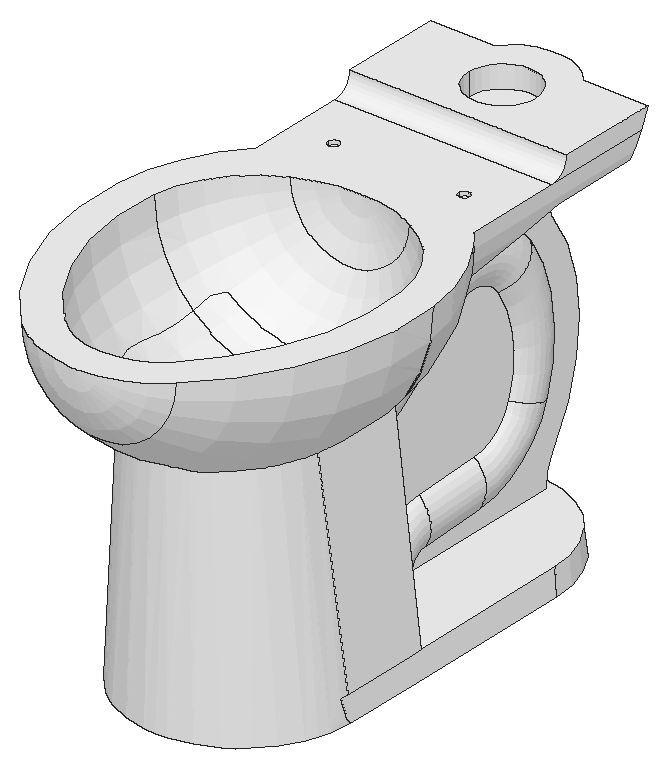
Revit family "Toilet-Elongated-American_Standard-Cadet_PRO-3517F101_Series", category Plumbing Fixtures, Revit 2019
Family settings
  Round Connector Dimension = Use Radius
  Part Type = Normal
  OmniClass Number = 23.45.05.21.11.11
  OmniClass Title = Water Operated Water Closets
  Work Plane-Based = Yes
  Always vertical = No
  Cut with Voids When Loaded = No
  Shared = Yes
  Room Calculation Point = No
Parameters (values of type "3517F101.020")
  Width = 18 1/8"
  Waste Connection Radius = 1 1/16"
  Waste Connection Diameter = Waste Connection Radius * 2  # 2 1/8"
  Waste Connection = yes
  Warranty Information = "5 year warranty"
  WFU = 10  # constant formula
  Vent Connection = no
  URL = "http://www.americanstandard-us.com"
  Type Comments = ""
  Seat 5321.110 EverClean Elongated Seat with = no
  Product Page URL = "https://www.americanstandard-us.com/Toilet-Bowls/Cadet-PRO-Compact-Chair-Height-Elongated-Bowl/WHITE-3517F101020"
  Product Documentation Link = "https://americanstandard.box.com/shared/static/hutwmgbmmgz6qb8s0o6e64anp3d18m1p.pdf"
  Model = "3517F101.020"
  Material = "Vitreous China-American Standard-020-White"
  Manufacturer = "American Standard"
  Length = 28 5/16"
  Installation Type = "Floor Mounted"
  Height = 30 3/8"
  HWFU = 0  # constant formula
  HW Connection = no
  Flush Rate = "4.8 Lpf(1.28 gpf)"
  Finish = Vitreous China-American Standard-020-White
  Description = "Cadet® PRO Compact Chair Height Elongated Bowl"
  Default Elevation = 0"
  Creation Date = "01/27/2023"  # constant formula
  Compliance Certifications = "Meets or Exceeds the Following Specifications ASME A112.19.2-2008/CSA B45.1-08 for Vitreous China Fixtures , US EPA WaterSense® Specification for HETs"
  Cold Water Connection Width = 6"
  Cold Water Connection Radius = 1/4"
  Cold Water Connection Height = 10"
  Cold Water Connection Diameter = Cold Water Connection Radius * 2  # 1/2"
  CWFU = 10  # constant formula
  CW Connection = yes
  Bowl Shape = "Elongated"
  Assembly Code = "D2010110"
  ADA Compliant = yes
  4188B.105 Tank complete with trip lever located = no
  4188B.104 Tank = no
Types (3): name | Product Page URL | Model | Material | Finish
  3517F101.020 | "https://www.americanstandard-us.com/Toilet-Bowls/Cadet-PRO-Compact-Chair-Height-Elongated-Bowl/WHITE-3517F101020" | "3517F101.020" | "Vitreous China-American Standard-020-White" | Vitreous China-American Standard-020-White
  3517F101.222 | "https://www.americanstandard-us.com/Toilet-Bowls/Cadet-PRO-Compact-Chair-Height-Elongated-Bowl/LINEN-3517F101222" | "3517F101.222" | "Vitreous China-American Standard-222-Linen" | Vitreous China-American Standard-222-Linen
  3517F101.021 | "https://www.americanstandard-us.com/Toilet-Bowls/Cadet-PRO-Compact-Chair-Height-Elongated-Bowl/BONE-3517F101021" | "3517F101.021" | "Vitreous China-American Standard-021-Bone" | Vitreous China-American Standard-021-Bone
Reference planes (in)
  plane 1 "Center (Front/Back)": y = 0
  plane 2: z = 0
  plane 3 "Center (Left/Right)": x = 0
  plane 4: y = -12
  plane 5: x = 7
  plane 6: x = -4.8125
  plane 7: x = 4.8125
  plane 8: x = -9.0625
  plane 9: z = 30.375
  plane 10: x = -6
  plane 11: z = 10
  plane 12: z = 16.5
  plane 13: x = -9.0625
  plane 14: x = 9.0625
  plane 15: x = -7
  plane 16: y = -0.75
  plane 17: y = -8.4375
  plane 18: y = -13.625
  plane 19: y = -2.75
  plane 20: y = -23.8125
  plane 21: y = -28.3125
  plane 22: y = -10.3125
Forms (in)
  Revolve 1, solid, material "Vitreous China-American Standard-020-White" <- "Finish"
    sketch origin (0, -56, 16.5) x (-1, 0, 0) y (0, -1, 0)
      loop
        arc (-3.42874, -29.06019) -> (-6.32094, -33.56361) -> (-7, -38.87251) r 12.16288
        arc (-7, -38.87251) -> (-4.77965, -43.84952) -> (0, -46.46783) r 8.53358
        line (0, -46.46783) -> (0, -43.5046)
        arc (0, -43.5046) -> (-1.35522, -43.35576) -> (-2.64635, -42.91788) r 6.2782
        arc (-2.64635, -42.91788) -> (-4.5881, -41.31414) -> (-5.50181, -38.96735) r 5
        arc (-5.50181, -38.96735) -> (-4.96951, -34.17945) -> (-2.38786, -30.11222) r 10.68295
        arc (-2.38786, -30.11222) -> (-1.29028, -29.38786) -> (0, -29.13375) r 3.40292
        line (0, -29.13375) -> (0, -27.65465)
        arc (0, -27.65465) -> (-1.85282, -28.01968) -> (-3.42874, -29.06019) r 4.88489
      axis (0, -27.65465) -> (0, -46.46783)
    angle from 0 to 180
  Blend 2, solid, material "Vitreous China-American Standard-020-White" <- "Finish"
    base sketch origin (0, 1.8125, 0) x (1, 0, 0) y (0, 1, 0)
      loop
        line (-4.8125, -16.75) -> (-4.8125, -20.8125)
        arc (-4.8125, -20.8125) -> (0, -25.625) -> (4.8125, -20.8125) r 4.8125
        line (4.8125, -20.8125) -> (4.8125, -16.75) -> (-4.8125, -16.75)
    top sketch origin (0, 1.8125, 0) x (1, 0, 0) y (0, 1, 0)
      loop
        arc (-3.75, -21.6875) -> (0, -25.4375) -> (3.75, -21.6875) r 3.75
        line (3.75, -21.6875) -> (3.75, -17.37103) -> (-3.75, -17.37103) -> (-3.75, -21.6875)
    from 0 to 12.73418
  Extrusion 3, solid, material "Vitreous China-American Standard-020-White" <- "Finish"
    sketch origin (0, 0, 0) x (0, 1, 0) y (0, 0, 1)
      loop
        line (-12.25, 14.27465) -> (-7.35095, 15.49612) -> (-3.41182, 15.49612) -> (-2.55632, 17.33072) -> (-7.00825, 17.33072)
        arc (-7.00825, 17.33072) -> (-7.25157, 16.74331) -> (-7.83897, 16.5) r 0.83072
        line (-7.83897, 16.5) -> (-12.25, 16.5) -> (-12.25, 14.27465)
    from -4.8125 to 4.8125
  Sweep 4, solid, material "Vitreous China-American Standard-020-White" <- "Finish"
    path origin (0, 0, 0) x (0, 1, 0) y (0, 0, 1)
      loop
        line (-12, -0.01756) -> (-12, 1.20141)
        arc (-12, 1.20141) -> (-11.54229, 2.34867) -> (-10.42056, 2.8658) r 1.66667
        line (-10.42056, 2.8658) -> (-7.3527, 3.02658)
        arc (-7.3527, 3.02658) -> (-5.57994, 3.66678) -> (-4.46063, 5.18325) r 3.25
        arc (-4.46063, 5.18325) -> (-4.15543, 8.05407) -> (-5.18744, 10.75031) r 6.18053
        arc (-5.18744, 10.75031) -> (-7.32561, 11.94157) -> (-9.56637, 10.95674) r 2.75
        arc (-9.56637, 10.95674) -> (-13.3438, 8.13803) -> (-17.98696, 7.32856) r 10.15358
    profile origin (0, -12, 0.59192) x (0, -1, 0) y (1, 0, 0)
      loop
        circle (0, 0) r 1.5
  Extrusion 5, solid, material "Vitreous China-American Standard-020-White" <- "Finish"
    sketch origin (0.13358, 0, 0) x (0, 1, 0) y (0, 0, 1)
      loop
        arc (-3.08736, 11.80581) -> (-3.17818, 12.13706) -> (-3.03387, 12.44874) r 0.5
        arc (-3.03387, 12.44874) -> (-2.13782, 13.84939) -> (-1.90757, 15.49612) r 3.89494
        line (-1.90757, 15.49612) -> (-11.74308, 15.49612)
        arc (-11.74308, 15.49612) -> (-14.13461, 11.14162) -> (-19.06033, 10.4948) r 5.49569
        line (-19.06033, 10.4948) -> (-19.06033, 1.125) -> (-3.43323, 1.125)
        arc (-3.43323, 1.125) -> (-3.40889, 1.43228) -> (-3.35422, 1.73564) r 3.10701
        arc (-3.35422, 1.73564) -> (-3.20368, 2.19101) -> (-2.97291, 2.61146) r 2.62878
        arc (-2.97291, 2.61146) -> (-1.59352, 7.22652) -> (-3.08736, 11.80581) r 8.07443
    from -1.13358 to 0.86642
  Extrusion 6, solid, material "Vitreous China-American Standard-020-White" <- "Finish"
    sketch origin (0, 1.56104, 0) x (1, 0, 0) y (0, 1, 0)
      loop
        line (-4.8125, -17.37103) -> (4.8125, -17.37103) -> (4.8125, -9.12354)
        arc (4.8125, -9.12354) -> (0, -4.31104) -> (-4.8125, -9.12354) r 4.8125
        line (-4.8125, -9.12354) -> (-4.8125, -17.37103)
    from 0 to 1.125
  Extrusion 7, solid, material "Vitreous China-American Standard-020-White" <- "Finish"
    sketch origin (0, 0, 0) x (1, 0, 0) y (0, 1, 0)
      loop
        arc (2.5, -4.11334) -> (0, -1.61334) -> (-2.5, -4.11334) r 2.5
        line (-2.5, -4.11334) -> (2.5, -4.11334)
    from 17.33072 to 16.3506
  Sweep 8, void
    path origin (0, 1.56104, 0) x (1, 0, 0) y (0, 1, 0)
      loop
        line (4.8125, -22.62354) -> (4.8125, -9.12354)
        arc (4.8125, -9.12354) -> (0, -4.31104) -> (-4.8125, -9.12354) r 4.8125
        line (-4.8125, -9.12354) -> (-4.8125, -22.62354)
    profile origin (-4.8125, -7.5625, 0) x (1, 0, 0) y (0, 0, 1)
      loop
        line (0, 0) -> (0.10744, 1.125) -> (0, 1.125) -> (0, 0)
  Extrusion 9, solid, material "Vitreous China-American Standard-020-White" <- "Finish", not visible
    sketch origin (0, 0.03125, 0) x (1, 0, 0) y (0, 0, 1)
      loop
        circle (-6, 10) r 0.25
    from 0 to 0.03125
  Extrusion 10, void
    sketch origin (0, 0, 0) x (1, 0, 0) y (0, 0, 1)
      loop
        line (-4.8125, 16.5) -> (-6.09692, 16.5) -> (-4.84115, 13.80699) -> (-3.98846, 13.80699)
        arc (-3.98846, 13.80699) -> (-4.60188, 15.09187) -> (-4.8125, 16.5) r 4.8125
      loop
        arc (4.8125, 16.5) -> (4.60188, 15.09187) -> (3.98846, 13.80699) r 4.8125
        line (3.98846, 13.80699) -> (4.64815, 13.80699) -> (5.90392, 16.5) -> (4.8125, 16.5)
    from 0 to 13.84683
  Revolve 11, void
    sketch origin (0, -56, 16.5) x (-1, 0, 0) y (0, -1, 0)
      loop
        arc (0, -29.13375) -> (-1.29028, -29.38786) -> (-2.38786, -30.11222) r 3.40292
        arc (-2.38786, -30.11222) -> (-4.96951, -34.17945) -> (-5.50181, -38.96735) r 10.68295
        arc (-5.50181, -38.96735) -> (-4.5881, -41.31414) -> (-2.64635, -42.91788) r 5
        arc (-2.64635, -42.91788) -> (-1.35522, -43.35576) -> (0, -43.5046) r 6.2782
        line (0, -43.5046) -> (0, -29.13375)
      axis (0, -29.13375) -> (0, -43.5046)
    angle from 0 to 180
  Extrusion 12, void
    sketch origin (0, 0, 0) x (1, 0, 0) y (0, 1, 0)
      loop
        circle (0, -4.57532) r 1.5
      loop
        circle (-2.89894, -10.3125) r 0.25
      loop
        circle (2.89894, -10.3125) r 0.25
    from 16.3506 to 17.96626
Cuts and joins
  Sweep 8, Revolve 11 cuts Blend 2
  Extrusion 10, Extrusion 12 cuts Extrusion 3
  Sweep 8 cuts Sweep 4
  Sweep 8, Extrusion 10 cuts Extrusion 5
  Sweep 8 cuts Extrusion 6
  Sweep 8, Extrusion 10, Extrusion 12 cuts Extrusion 7
  joined: Revolve 1, Blend 2, Extrusion 3, Sweep 4, Extrusion 5, Extrusion 6, Extrusion 7
Lines and regions (in)
  Masking region 1
    outline origin (0, 0, 0) x (1, 0, 0) y (0, 1, 0)
      loop
        arc (1.95594, -2.55632) -> (0, -1.61334) -> (-1.95594, -2.55632) r 2.5
        line (-1.95594, -2.55632) -> (-4.8125, -2.55632) -> (-4.8125, -12.18633)
        arc (-4.8125, -12.18633) -> (-6.30769, -14.47919) -> (-7, -17.12749) r 8.53358
        arc (-7, -17.12749) -> (-6.32094, -22.43639) -> (-3.42874, -26.93981) r 12.16288
        arc (-3.42874, -26.93981) -> (-1.85282, -27.98032) -> (0, -28.34535) r 4.88489
        arc (0, -28.34535) -> (1.85282, -27.98032) -> (3.42874, -26.93981) r 4.88489
        arc (3.42874, -26.93981) -> (6.32094, -22.43639) -> (7, -17.12749) r 12.16288
        arc (7, -17.12749) -> (6.30769, -14.47919) -> (4.8125, -12.18633) r 8.53358
        line (4.8125, -12.18633) -> (4.8125, -2.55632) -> (1.95594, -2.55632)
  symbolic lines, detail levels medium+fine
    curve 1: arc (0, -12.4954, 0) -> (1.35522, -12.64424, 0) -> (2.64635, -13.08212, 0) r 6.2782
    curve 2: arc (2.64635, -13.08212, 0) -> (4.5881, -14.68586, 0) -> (5.50181, -17.03265, 0) r 5
    curve 3: arc (5.50181, -17.03265, 0) -> (4.96951, -21.82055, 0) -> (2.38786, -25.88778, 0) r 10.68295
    curve 4: arc (2.38786, -25.88778, 0) -> (1.29028, -26.61214, 0) -> (0, -26.86625, 0) r 3.40292
    curve 5: arc (0, -26.86625, 0) -> (-1.29028, -26.61214, 0) -> (-2.38786, -25.88778, 0) r 3.40292
    curve 6: arc (-2.38786, -25.88778, 0) -> (-4.96951, -21.82055, 0) -> (-5.50181, -17.03265, 0) r 10.68295
    curve 7: arc (-5.50181, -17.03265, 0) -> (-4.5881, -14.68586, 0) -> (-2.64635, -13.08212, 0) r 5
    curve 8: arc (-2.64635, -13.08212, 0) -> (-1.35522, -12.64424, 0) -> (0, -12.4954, 0) r 6.2782
    curve 9: arc (-4.8125, -8.02552, 0) -> (0, -8.43562, 0) -> (4.8125, -8.02552, 0) r 28.44225
  symbolic lines, detail levels fine
    curve 10: circle (0, -4.57532, 0) r 1.5 normal (0, 0, 1)
    curve 11: circle (-2.89894, -10.3125, 0) r 0.25 normal (0, 0, 1)
    curve 12: circle (2.89894, -10.3125, 0) r 0.25 normal (0, 0, 1)
Dimensions and locks (in)
  "Length": plane 1 "Center (Front/Back)" to plane 21
  "Height": plane 9 to level
  plane 7 to plane 6 = 9 5/8"
  "Cold Water Connection Height": plane 11 to level
  "Cold Water Connection Width": plane 3 "Center (Left/Right)" to plane 10
  "Width": plane 14 to plane 13
  plane 5 to plane 15 = 14"
  plane 16 to plane 17 = 7 11/16"
  plane 1 "Center (Front/Back)" to plane 4 = 12"
  plane 19 to plane 4 = 9 1/4"
  plane 4 to plane 20 = 11 13/16"
  level to plane 12 = 16 1/2"
  plane 1 "Center (Front/Back)" to plane 16 = 3/4"
  plane 22 to plane 21 = 18"
  radius of Blend 2 sketch curve = 4 13/16"
  aligned and locked: plane 10 to Extrusion 9 sketch curve
  aligned and locked: plane 11 to Extrusion 9 sketch curve
  aligned and locked: cut or joined group 1 (Revolve 1, Blend 2, Extrusion 3, Sweep 4, Extrusion 5, Extrusion 6, Extrusion 7, Sweep 8, Extrusion 10, Revolve 11, Extrusion 12) to Extrusion 12
  aligned and locked: Masking region 1 sketch curve to cut or joined group 1  (x2)
  aligned and locked: curve 10 to cut or joined group 1
Automatic sketch dimensions
  Revolve 1 sketch curve to Revolve 1 sketch curve = 0"  (x4)
  Revolve 1 sketch curve to plane 5 = 0"  (x2)
  Revolve 1 sketch curve to plane 3 "Center (Left/Right)" = 0"  (x3)
  plane 3 "Center (Left/Right)" to Revolve 1 sketch curve = 0.53582"
  Revolve 1 sketch curve to plane 3 "Center (Left/Right)" = 0.00372"
  Revolve 1 sketch curve to plane 3 "Center (Left/Right)" = 1.49541"
  Revolve 1 sketch curve to plane 6 = 0.29598"
  plane 17 to Revolve 1 sketch curve = 1.09467"
  Revolve 1 sketch curve to plane 4 = 0.4954"
  Revolve 1 sketch curve to Revolve 1 sketch curve = 5.11945"
  Revolve 1 sketch curve to Revolve 1 sketch curve = 0.31885"
  Revolve 1 sketch curve to Revolve 1 sketch curve = 1.15874"
  Revolve 1 sketch curve to plane 20 = 0.35204"
  Revolve 1 sketch curve to Revolve 1 sketch curve = 0.00287"
  Revolve 1 sketch curve to plane 21 = 1.44625"
  plane 21 to Revolve 1 sketch curve = 0.03285"
  Revolve 1 sketch curve to plane 7 = 0.68931"
  Revolve 1 sketch curve to plane 17 = 0.49493"
  Blend 2 sketch curve to plane 6 = 0"
  Blend 2 sketch curve to plane 20 = 4 13/16"
  plane 18 to Blend 2 sketch curve = 1 5/16"
  Blend 2 sketch curve to plane 3 "Center (Left/Right)" = 0"
  plane 6 to Blend 2 sketch curve = 1 1/16"
  Blend 2 sketch curve to plane 20 = 3 15/16"
  plane 18 to Blend 2 sketch curve = 1.93353"
  plane 12 to Extrusion 3 sketch curve = 0"
  Extrusion 3 sketch curve to plane 4 = 1/4"
  Extrusion 3 sketch curve to plane 17 = 0.59853"
  Extrusion 3 sketch curve to plane 17 = 1.08655"
  Extrusion 3 sketch curve to Extrusion 3 sketch curve = 0.83072"
  Extrusion 3 sketch curve to plane 19 = 0.66182"
  plane 19 to Extrusion 3 sketch curve = 0.19368"
  plane 12 to Extrusion 3 sketch curve = 1.00388"
  Extrusion 3 sketch curve to Extrusion 3 sketch curve = 2.22535"
  Sweep 4 sketch curve to plane 4 = 0"
  Sweep 4 sketch curve to plane 12 = 0.96286"
  plane 18 to Sweep 4 sketch curve = 3.7366"
  plane 4 to Sweep 4 sketch curve = 1.57944"
  plane 4 to Sweep 4 sketch curve = 1.66667"
  plane 4 to Sweep 4 sketch curve = 1.71605"
  Sweep 4 sketch curve to plane 17 = 0.91471"
  Sweep 4 sketch curve to plane 17 = 0.98239"
  Sweep 4 sketch curve to plane 17 = 1.0848"
  plane 11 to Sweep 4 sketch curve = 0.80538"
  plane 11 to Sweep 4 sketch curve = 2.74604"
  Sweep 4 sketch curve to Sweep 4 sketch curve = 2.9225"
  level to Sweep 4 sketch curve = 3.02658"
  level to Sweep 4 sketch curve = 2.8658"
  plane 18 to Sweep 4 sketch curve = 4.36196"
  Sweep 4 sketch curve to plane 11 = 0.95674"
  Sweep 4 sketch curve to Sweep 4 sketch curve = 0"  (x2)
  Sweep 4 sketch curve to level = 0.01756"
  Sweep 4 sketch curve to plane 3 "Center (Left/Right)" = 0"
  Sweep 4 sketch curve to profile plane = 0"
  Extrusion 5 sketch curve to plane 11 = 0.4948"
  Extrusion 5 sketch curve to plane 20 = 4.75217"
  plane 12 to Extrusion 5 sketch curve = 0.82123"
  plane 18 to Extrusion 5 sketch curve = 3.61074"
  plane 4 to Extrusion 5 sketch curve = 0.25692"
  plane 17 to Extrusion 5 sketch curve = 1.22982"
  plane 12 to Extrusion 5 sketch curve = 1.30033"
  Extrusion 5 sketch curve to plane 17 = 2.64628"
  Extrusion 5 sketch curve to plane 19 = 0.68323"
  plane 19 to Extrusion 5 sketch curve = 0.0701"
  plane 19 to Extrusion 5 sketch curve = 0.84243"
  plane 16 to Extrusion 5 sketch curve = 0.04342"
  plane 1 "Center (Front/Back)" to Extrusion 5 sketch curve = 0.32756"
  plane 11 to Extrusion 5 sketch curve = 2.87398"
  level to Extrusion 5 sketch curve = 1.14166"
  level to Extrusion 5 sketch curve = 1 1/8"
  Extrusion 5 sketch curve to Extrusion 5 sketch curve = 0.10806"
  Extrusion 5 sketch curve to plane 11 = 2.0956"
  Extrusion 5 sketch curve to Extrusion 5 sketch curve = 0"  (x2)
  Extrusion 5 sketch curve to plane 19 = 0.33736"
  Extrusion 6 sketch curve to plane 6 = 0"
  Extrusion 6 sketch curve to plane 3 "Center (Left/Right)" = 0"
  plane 18 to Extrusion 6 sketch curve = 2.18498"
  Extrusion 6 sketch curve to plane 17 = 7/8"
  Extrusion 7 sketch curve to plane 3 "Center (Left/Right)" = 0"
  plane 6 to Extrusion 7 sketch curve = 2 5/16"
  Extrusion 7 sketch curve to plane 19 = 1.36334"
  Sweep 8 sketch curve to plane 6 = 0"
  Sweep 8 sketch curve to plane 3 "Center (Left/Right)" = 0"
  Sweep 8 sketch curve to plane 17 = 7/8"
  Sweep 8 sketch curve to plane 20 = 2 3/4"  (x2)
  Sweep 8 sketch curve to level = 0"
  profile plane to Sweep 8 sketch curve = 0"
  Sweep 8 sketch curve to profile plane = 0.10744"
  Sweep 8 sketch curve to Sweep 8 sketch curve = 1 1/8"
  Extrusion 10 sketch curve to Extrusion 10 sketch curve = 0"  (x2)
  Extrusion 10 sketch curve to plane 12 = 0"
  Extrusion 10 sketch curve to plane 6 = 0"
  Extrusion 10 sketch curve to plane 3 "Center (Left/Right)" = 0"
  Extrusion 10 sketch curve to plane 7 = 0"
  Extrusion 10 sketch curve to plane 6 = 0.02865"
  Extrusion 10 sketch curve to plane 10 = 0.09692"
  plane 6 to Extrusion 10 sketch curve = 0.82404"
  plane 7 to Extrusion 10 sketch curve = 0.82404"
  plane 7 to Extrusion 10 sketch curve = 0.16435"
  Extrusion 10 sketch curve to Extrusion 10 sketch curve = 1.09142"
  Revolve 11 sketch curve to plane 3 "Center (Left/Right)" = 0"  (x2)
  plane 3 "Center (Left/Right)" to Revolve 11 sketch curve = 0.53582"
  Revolve 11 sketch curve to plane 3 "Center (Left/Right)" = 0.00372"
  Revolve 11 sketch curve to plane 6 = 0.29598"
  Revolve 11 sketch curve to plane 4 = 0.4954"
  plane 18 to Revolve 11 sketch curve = 3.98985"
  plane 18 to Revolve 11 sketch curve = 4.65158"
  Revolve 11 sketch curve to Revolve 11 sketch curve = 1.15874"
  Revolve 11 sketch curve to plane 20 = 0.34917"
  Revolve 11 sketch curve to plane 21 = 1.44625"
  Revolve 11 sketch curve to Revolve 11 sketch curve = 0"  (x2)
  plane 17 to Revolve 11 sketch curve = 1.09467"
  Revolve 11 sketch curve to plane 17 = 0.49493"
  Extrusion 12 sketch curve to plane 22 = 0"  (x2)
  Extrusion 12 sketch curve to plane 3 "Center (Left/Right)" = 0"
  plane 6 to Extrusion 12 sketch curve = 1.91356"
  plane 7 to Extrusion 12 sketch curve = 1.91356"
  Extrusion 12 sketch curve to plane 19 = 1.82532"
  plane 19 to Masking region 1 sketch curve = 0.19368"
  Masking region 1 sketch curve to plane 7 = 0"
  plane 17 to Masking region 1 sketch curve = 3.74883"
  Masking region 1 sketch curve to plane 15 = 0"  (x2)
  Masking region 1 sketch curve to plane 6 = 0"
  plane 3 "Center (Left/Right)" to Masking region 1 sketch curve = 1.49541"
  Masking region 1 sketch curve to plane 7 = 0.29598"
  Masking region 1 sketch curve to Masking region 1 sketch curve = 0.34288"
  Masking region 1 sketch curve to plane 21 = 1.37269"  (x2)
  Masking region 1 sketch curve to plane 3 "Center (Left/Right)" = 0"
  Masking region 1 sketch curve to Masking region 1 sketch curve = 0"  (x3)
  Masking region 1 sketch curve to plane 5 = 0"  (x2)
  Masking region 1 sketch curve to plane 6 = 0.29598"
  Masking region 1 sketch curve to plane 3 "Center (Left/Right)" = 1.49541"
  curve 4 to curve 5 = 0"  (x2)
  curve 9 to plane 6 = 0"
  curve 11 to plane 22 = 0"
  curve 4 to plane 3 "Center (Left/Right)" = 0"
  curve 9 to plane 3 "Center (Left/Right)" = 0"
  curve 8 to plane 3 "Center (Left/Right)" = 0"
  curve 12 to plane 22 = 0"
  curve 9 to plane 7 = 0"
  curve 3 to plane 6 = 0.29598"
  plane 6 to curve 11 = 1.91356"
  curve 7 to plane 3 "Center (Left/Right)" = 0.53582"
  curve 1 to plane 3 "Center (Left/Right)" = 0.00372"
  plane 3 "Center (Left/Right)" to curve 8 = 0.00372"
  plane 3 "Center (Left/Right)" to curve 2 = 0.53582"
  plane 7 to curve 12 = 1.91356"
  curve 6 to plane 7 = 0.29598"
  plane 18 to curve 7 = 3.98985"
  curve 7 to curve 2 = 0"
  curve 6 to curve 2 = 0.66172"
  curve 3 to curve 7 = 0.66172"
  curve 8 to curve 2 = 1.15874"
  curve 1 to curve 8 = 0"
  curve 4 to plane 20 = 0.34917"
  curve 9 to plane 1 "Center (Front/Back)" = 20.00663"
  plane 10 to curve 7 = 0.49819"
  curve 6 to curve 7 = 0"
  curve 8 to curve 7 = 0"
  curve 5 to curve 6 = 0"
  curve 3 to curve 4 = 0"
  curve 2 to curve 1 = 0"
  curve 9 to plane 17 = 0.41198"
  radius of Sweep 4 sketch curve = 1 1/2"
  radius of Extrusion 9 sketch curve = 1/4"
  radius of Extrusion 12 sketch curve = 1 1/2"
  radius of Extrusion 12 sketch curve = 1/4"  (x2)
  radius of curve 11 = 1/4"
  radius of curve 12 = 1/4"
Connectors (in)
  piping at (-6, 0.03125, 10), diameter 0.5, driven by "Cold Water Connection Radius", driven by "CWFU"
    settings: on Extrusion 9, index 1, connector inside diameter 1/2", connector length 0", flow factor 0, pipe flow 0 GPM, pressure drop 0.00 psi, fitting loss kfactor 0, connector angle 0.00°, fixture units 10, engagement length 0", angle of deflection 0.00°, flow configuration 3, flow direction 1, fitting loss method 0, system type 20, joint type 0, gender type 0, connector reference index -1, connector utility 0, adjustable connector no, is connector primary yes, connector description "1/2\" CW Inlet"
  piping at (0, -12, 0), diameter 2.125, driven by "WFU"
    settings: on cut or joined group 1, index 2, connector inside diameter 24", connector length 0", flow factor 0, pipe flow 0 GPM, pressure drop 0.00 psi, fitting loss kfactor 0, connector angle 0.00°, fixture units 10, engagement length 0", angle of deflection 0.00°, flow configuration 3, flow direction 2, fitting loss method 0, system type 16, joint type 0, gender type 0, connector reference index -1, connector utility 0, adjustable connector no, is connector primary no, connector description "2-1/8\" Waste Outlet"
